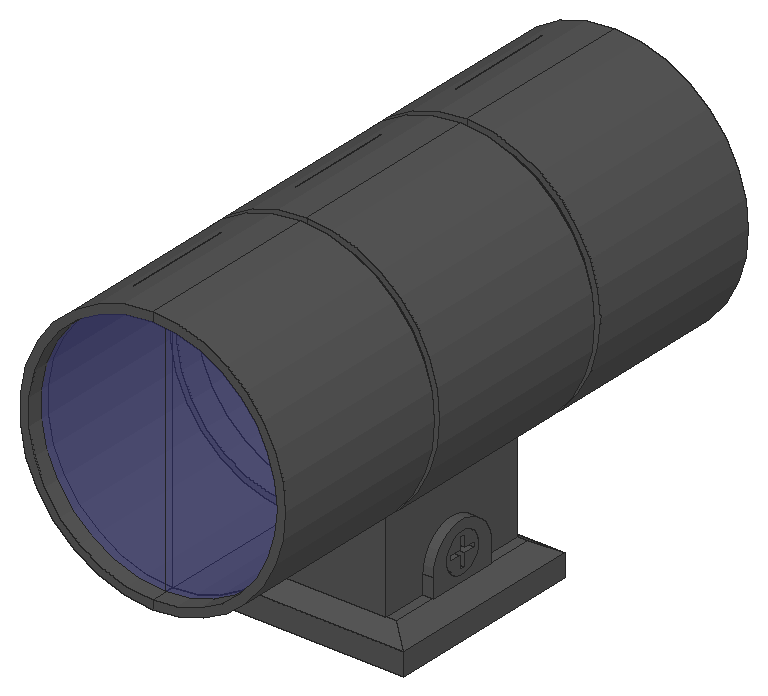
Revit family "CARLO CYLINDER LIGHT WALL MOUNT", category Lighting Fixtures, host Face, Revit 2020 (continued)
Types (10): name | Wattage_Input | Wattage Comments | Wattage | Photometric Web File | built-in parameter 1150142 | Model | built-in parameter 1150105 | Lumens | Light Length 1 | LIGHT RADIUS | LIGHT PLACEMENT | LIGHT LENGTH | LIGHT DIA | built-in parameter 1150106 | FIXED END HEIGHT | Curve base Height | Base Curve | BEAMING ANGLE | Apparent Load
    4.1 978.51 1034.6 1092.3 1150.8 1209.8 1268.3 1325.2 \r\n 1381.2 1436.9 1491.8 1545.5 1598.4 1650.3 1702 1754.4 1805.6 1853.3 \r\n 1899.6 1945.8 1991.5 2037.4 2082.8 2128.1 2171.4 2210.6 2246.7 2280.6 \r\n 2311.3 2337.9 2360.6 2379.1 2393.9 2405 2413.1 2418.2 2421.2 2422.6 \r\n 2423.1 2423.4 2423.3 2422.7 2422 2421.1 2420.3 2419.7 2419.2 2418.6 \r\n 2421.2 \r\n2410.7 2418.1 2417.1 2416.7 2416.3 2415.8 2414.9 2413.1 2410.7 2408.1 \r\n 2405 2401.9 2397.2 2389.9 2379.5 2364.8 2346.3 2324.3 2298.8 2269.6 \r\n 2237.1 2202 2163.8 2122.4 2078.3 2030.9 1982.6 1936.2 1889.8 1842.2 \r\n 1793.8 1745.1 1695.6 1645.3 1594.2 1542.2 1489.3 1435.4 1380.5 1324.3 \r\n 1267 1208.7 1150 1091.8 1034.2 977.22 921.95 869.71 820.08 772.7 \r\n 728.55 688.31 652.47 621.98 596.15 574.9 557.34 542.65 530.44 520.14 \r\n 511.55 504.38 498.36 493.22 488.75 484.64 480.86 477.27 473.84 470.57 \r\n 467.36 464.13 460.82 457.39 453.62 449.18 444.36 440.45 434.23 422.68 \r\n 406.52 384.8 359.51 332.24 303.23 273.08 242.31 211.25 181.08 153.57 \r\n 127.22 99.938 75.275 56.222 42.329 35.337 31.673 28.117 25.351 22.913 \r\n 21.009 19.811 18.974 18.215 17.523 16.762 16.026 15.382 14.778 14.182 \r\n 13.6 13.018 12.458 11.944 11.452 10.964 10.488 10.021 9.5671 9.1291 \r\n 8.703 8.2866 7.877 7.4675 7.067 6.6838 6.3139 5.9563 5.6103 5.277 \r\n 4.9492 4.613 4.2904 4.007 3.7374 3.4582 3.1883 2.9425 2.7094 2.4792 \r\n 2.2627 2.0697 1.8948 1.7344 1.5928 1.4753 1.3749 1.2857 1.2105 1.147 \r\n 1.1044 1.0926 1.1072 1.1474 1.2125 1.313 1.4142 1.4753 1.5253 1.5931 \r\n 1.6382 1.6156 1.5692 1.5431 1.4915 1.3618 1.2178 1.126 1.0257 0.85643 \r\n 0.68502 0.57439 0.47609 0.35173 0.23409 0.14634 0.078976 0.029793 0 0 \r\n 0.0002752 0.030777 0.076762 0.12787 0.20089 0.32255 0.45265 0.54126 0.64434 0.82769 \r\n 1.0118 1.1166 1.2099 1.3553 1.4858 1.5393 1.565 1.6041 1.6188 1.5729 \r\n 1.5025 1.4357 1.36 1.2645 1.1794 1.1366 1.1203 1.1241 1.1521 1.2101 \r\n 1.2865 1.368 1.4658 1.5885 1.7304 1.8894 2.0635 2.2478 2.4486 2.6754 \r\n 2.9148 3.152 3.401 3.6758 3.9622 4.2438 4.5415 4.8822 5.231 5.5475 \r\n 5.8754 6.259 6.6558 7.0267 7.4058 7.823 8.2517 8.6672 9.0935 9.5541 \r\n 10.025 10.484 10.953 11.452 11.961 12.45 12.96 13.529 14.131 14.757 \r\n 15.391 15.998 16.638 17.367 18.155 18.991 19.879 20.639 21.812 23.917 \r\n 26.838 30.732 35.297 38.981 45.698 59.502 78.421 102.74 129.74 156.24 \r\n 183.84 213.39 243.85 274.89 305.24 333.39 359.68 384.39 406.21 423.95 \r\n 437.54 445.62 450.82 455.17 459.03 463.85 468.37 471.54 474.31 477.36 \r\n 480.49 483.7 487.08 490.7 494.67 499.08 504.15 510.01 516.99 525.35 \r\n 535.31 546.97 560.97 577.53 597.88 623.56 653.9 688.87 728.16 771.68 \r\n 818.71 868.66 921.03 975.16 1031 1088.4 1146.8 1205.7 1264.2 1321.2 \r\n 1377.4 1433.2 1488.1 1541.9 1594.9 1646.8 1698.3 1750.4 1801.3 1849.3 \r\n 1896 1942.1 1987.8 2033.9 2079.7 2125.2 2168.7 2208.2 2244.6 2278.6 \r\n 2309.2 2335.9 2358.8 2377.5 2392.4 2403.7 2411.9 2417.1 2420.1 2421.8 \r\n 2422.5 2422.9 2422.8 2422.6 2422 2421.1 2420.2 2419.6 2419.2 2418.8 \r\n 2421.2 \r\n2410.7 2418.1 2417.1 2416.7 2416.4 2416.3 2415.6 2413.9 2411.6 2409.1 \r\n 2406.2 2403.2 2398.8 2392.1 2382.3 2368.4 2350.7 2329.4 2304.5 2276.2 \r\n 2244.8 2210.5 2173.1 2132.2 2088.4 2041.3 1993.1 1946.9 1900.5 1852.8 \r\n 1804.4 1755.9 1706.6 1655.9 1604.3 1552.4 1499.6 1445.8 1390.9 1334.8 \r\n 1277.7 1219.6 1161.3 1103.2 1045.5 988.11 932.43 879.91 829.93 782.01 \r\n 737.19 696.19 659.48 627.98 601.15 579.03 560.73 545.58 533.03 522.36 \r\n 513.45 506.06 499.89 494.61 490.04 485.85 482.01 478.42 475.01 471.73 \r\n 468.51 465.27 462 458.75 455.14 450.6 445.68 441.74 435.79 425.22 \r\n 410.18 389.23 364.5 337.53 308.7 278.73 248.16 217.53 187.56 159.41 \r\n 132.38 105.33 80.771 60.722 45.587 37.655 33.294 29.531 26.675 23.885 \r\n 21.634 20.264 19.336 18.541 17.836 17.032 16.257 15.595 14.983 14.382 \r\n 13.794 13.199 12.624 12.095 11.593 11.105 10.63 10.157 9.696 9.2544 \r\n 8.8253 8.4039 7.991 7.5851 7.1878 6.799 6.4224 6.0645 5.7177 5.3766 \r\n 5.0407 4.7024 4.3771 4.0842 3.8051 3.5238 3.2529 3.0031 2.7647 2.5274 \r\n 2.304 2.1065 1.927 1.7591 1.6101 1.4881 1.3845 1.2932 1.2152 1.1455 \r\n 1.0963 1.0803 1.0906 1.1238 1.182 1.2772 1.3769 1.445 1.5043 1.5791 \r\n 1.6291 1.6048 1.5582 1.5437 1.5038 1.3737 1.2289 1.1481 1.057 0.87997 \r\n 0.69945 0.59388 0.50008 0.36508 0.23663 0.15233 0.089735 0.035686 0 0 \r\n 0.00043536 0.031364 0.078325 0.13265 0.20701 0.32142 0.44516 0.53972 0.6485 0.82341 \r\n 1.0004 1.116 1.2206 1.3608 1.485 1.5438 1.5756 1.6128 1.6241 1.5778 \r\n 1.5076 1.4412 1.3658 1.2713 1.1876 1.1469 1.1331 1.1405 1.1714 1.229 \r\n 1.3041 1.3851 1.4817 1.6014 1.7397 1.8945 2.0648 2.2471 2.4461 2.6692 \r\n 2.9054 3.1422 3.391 3.6622 3.9452 4.2275 4.5258 4.863 5.208 5.5239 \r\n 5.851 6.2298 6.6224 6.994 7.3751 7.7928 8.2224 8.6407 9.0698 9.5324 \r\n 10.003 10.456 10.919 11.423 11.935 12.419 12.922 13.487 14.087 14.716 \r\n 15.355 15.963 16.598 17.305 18.073 18.906 19.793 20.547 21.7 23.748 \r\n 26.608 30.48 35.004 38.576 45.14 58.735 77.478 101.86 128.79 154.64 \r\n 181.55 210.86 241.3 272.52 303.09 331.26 357.53 382.23 404.1 422.01 \r\n 435.87 444.4 450 454.5 458.41 463.24 467.77 470.95 473.74 476.79 \r\n 479.92 483.12 486.5 490.1 494.06 498.42 503.4 509.14 515.97 524.21 \r\n 534.04 545.5 559.26 575.62 595.76 621.21 651.32 686.04 725.08 768.37 \r\n 815.14 864.76 916.79 970.63 1026.2 1083.4 1141.6 1200.4 1258.9 1316 \r\n 1372.4 1428.2 1483.2 1537.2 1590.3 1642.2 1693.6 1745.2 1795.8 1844.1 \r\n 1891.2 1937.4 1983.2 2029.6 2075.7 2121.5 2165.3 2205.2 2241.9 2275.9 \r\n 2306.6 2333.4 2356.5 2375.4 2390.6 2402.2 2410.5 2415.7 2418.9 2420.9 \r\n 2421.9 2422.3 2422.4 2422.4 2422.1 2421.1 2420 2419.6 2419.3 2419 \r\n 2421.2 \r\n2410.7 2418.1 2417.1 2416.8 2416.7 2416.8 2416.5 2414.8 2412.6 2410.3 \r\n 2407.6 2404.7 2400.6 2394.4 2385.3 2372.1 2355.3 2334.6 2310.4 2283.1 \r\n 2252.7 2219.3 2182.6 2142.2 2098.8 2051.9 2003.9 1957.7 1911.4 1863.6 \r\n 1815.1 1766.9 1717.7 1666.7 1614.7 1562.8 1510.2 1456.4 1401.6 1345.5 \r\n 1288.5 1230.7 1172.6 1114.6 1056.8 999.19 943.13 890.33 840 791.56 \r\n 746.09 704.33 666.77 634.27 606.42 583.37 564.3 548.66 535.75 524.69 \r\n 515.46 507.85 501.52 496.11 491.42 487.14 483.26 479.66 476.27 472.98 \r\n 469.75 466.52 463.28 460.2 456.72 452.09 447.06 443.08 437.37 427.74 \r\n 413.8 393.66 369.55 342.89 314.25 284.5 254.16 223.92 194.11 165.27 \r\n 137.54 110.72 86.311 65.316 48.959 39.992 34.832 30.855 27.936 24.835 \r\n 22.276 20.739 19.716 18.883 18.163 17.318 16.504 15.824 15.202 14.594 \r\n 13.999 13.393 12.804 12.261 11.747 11.261 10.788 10.309 9.841 9.3957 \r\n 8.9632 8.5364 8.1194 7.7161 7.321 6.9262 6.5429 6.1845 5.8365 5.4865 \r\n 5.1414 4.8013 4.474 4.1703 3.8806 3.5971 3.3254 3.0709 2.8266 2.5825 \r\n 2.3525 2.1502 1.9656 1.7899 1.6333 1.5062 1.3987 1.3042 1.2229 1.1477 \r\n 1.0927 1.0726 1.0783 1.1041 1.1549 1.2435 1.3406 1.4158 1.4846 1.5653 \r\n 1.6192 1.5947 1.5492 1.5446 1.5149 1.3867 1.2434 1.1715 1.0875 0.90576 \r\n 0.719 0.61574 0.52342 0.37957 0.2425 0.16062 0.10121 0.041773 0 0 \r\n 0.00057432 0.031039 0.078194 0.13613 0.21229 0.31893 0.43576 0.53655 0.65135 0.81745 \r\n 0.98689 1.1132 1.2292 1.3642 1.4818 1.5458 1.5839 1.6196 1.6282 1.5826 \r\n 1.5138 1.448 1.3727 1.2791 1.1967 1.1572 1.1451 1.1553 1.1883 1.2452 \r\n 1.3185 1.3983 1.4933 1.6103 1.745 1.8957 2.0621 2.2425 2.4398 2.6592 \r\n 2.8921 3.1288 3.3774 3.6454 3.9253 4.2081 4.5068 4.8408 5.1824 5.498 \r\n 5.8247 6.1997 6.5887 6.9604 7.3428 7.7611 8.1917 8.6125 9.044 9.5081 \r\n 9.9786 10.425 10.882 11.39 11.906 12.384 12.879 13.44 14.038 14.668 \r\n 15.308 15.918 16.549 17.236 17.984 18.817 19.705 20.455 21.582 23.556 \r\n 26.325 30.13 34.568 38.004 44.371 57.637 76.065 100.38 127.17 152.4 \r\n 178.68 207.79 238.22 269.58 300.32 328.57 354.9 379.7 401.72 419.89 \r\n 434.08 443.09 449.12 453.77 457.71 462.58 467.12 470.32 473.12 476.18 \r\n 479.31 482.5 485.86 489.46 493.39 497.7 502.6 508.19 514.86 522.96 \r\n 532.62 543.86 557.37 573.48 593.35 618.5 648.29 682.68 721.39 764.38 \r\n 810.85 860.1 911.76 965.31 1020.6 1077.6 1135.6 1194.3 1252.8 1310.1 \r\n 1366.6 1422.5 1477.6 1531.8 1585 1636.9 1688 1739.2 1789.6 1838.2 \r\n 1885.8 1932.1 1978.1 2024.8 2071.2 2117.3 2161.4 2201.6 2238.7 2272.8 \r\n 2303.5 2330.6 2353.9 2373.1 2388.6 2400.4 2408.9 2414.3 2417.6 2419.9 \r\n 2421.2 2421.7 2421.9 2422.2 2422.2 2421.1 2419.9 2419.6 2419.4 2419.2 \r\n 2421.2 \r\n2410.7 2418.4 2417.4 2417.1 2417.2 2417.5 2417.4 2415.9 2413.8 2411.7 \r\n 2409.2 2406.4 2402.5 2396.8 2388.4 2376 2359.9 2340 2316.7 2290.3 \r\n 2260.8 2228 2191.8 2152 2109 2062.6 2014.8 1968.7 1922.2 1874.3 \r\n 1825.7 1777.6 1728.6 1677.3 1625.2 1573.5 1521.2 1467.4 1412.5 1356.5 \r\n 1299.5 1241.9 1184 1126 1068.2 1010.4 954.09 900.97 850.25 801.36 \r\n 755.33 712.84 674.42 640.99 612.17 588.1 568.12 551.94 538.63 527.19 \r\n 517.64 509.82 503.32 497.76 492.96 488.6 484.67 481.06 477.67 474.36 \r\n 471.12 467.91 464.71 461.74 458.35 453.63 448.51 444.48 438.95 430.08 \r\n 417.08 397.8 374.41 348.11 319.7 290.24 260.15 230.15 200.36 170.94 \r\n 142.58 115.78 91.298 69.525 52.127 41.978 35.841 31.651 28.758 25.535 \r\n 22.852 21.203 20.093 19.226 18.49 17.615 16.773 16.075 15.439 14.821 \r\n 14.219 13.609 13.016 12.462 11.939 11.452 10.981 10.498 10.025 9.5768 \r\n 9.1411 8.7075 8.2841 7.8793 7.4826 7.0805 6.6901 6.3311 5.9814 5.6199 \r\n 5.2634 4.9233 4.5958 4.2805 3.9788 3.693 3.4203 3.1593 2.9077 2.6592 \r\n 2.4249 2.2169 2.026 1.8437 1.6803 1.5465 1.4323 1.3311 1.2438 1.1649 \r\n 1.1061 1.0796 1.0777 1.0953 1.138 1.2181 1.3104 1.3914 1.4683 1.5516 \r\n 1.6081 1.5907 1.5522 1.5503 1.5239 1.4062 1.2724 1.2004 1.1149 0.93799 \r\n 0.75465 0.64543 0.54573 0.39976 0.26165 0.17804 0.11569 0.049735 0.0018018 0 \r\n 0.00058519 0.028121 0.073098 0.13421 0.21322 0.31596 0.42893 0.53278 0.65083 0.8136 \r\n 0.98009 1.111 1.2317 1.3647 1.4793 1.5448 1.5851 1.6215 1.631 1.5877 \r\n 1.5211 1.4563 1.3812 1.2874 1.2043 1.1635 1.1502 1.1605 1.1935 1.2492 \r\n 1.3209 1.3985 1.4915 1.6079 1.7422 1.891 2.0556 2.2355 2.4324 2.6502 \r\n 2.8816 3.1183 3.3673 3.6352 3.9151 4.1978 4.4965 4.831 5.1731 5.4886 \r\n 5.8154 6.1919 6.5821 6.9529 7.3341 7.753 8.1848 8.6074 9.0404 9.5053 \r\n 9.9754 10.419 10.873 11.38 11.895 12.369 12.86 13.417 14.012 14.636 \r\n 15.273 15.885 16.518 17.196 17.935 18.774 19.667 20.419 21.519 23.4 \r\n 26.029 29.642 33.865 37.12 43.259 56.149 74.162 98.087 124.53 149.5 \r\n 175.61 204.72 235.21 266.58 297.35 325.69 352.2 377.27 399.61 418.07 \r\n 432.57 441.95 448.3 453.06 457.05 461.99 466.59 469.82 472.62 475.68 \r\n 478.8 482 485.36 488.94 492.84 497.1 501.93 507.42 513.95 521.89 \r\n 531.38 542.45 555.78 571.66 591.29 616.19 645.7 679.75 718.1 760.82 \r\n 807.02 855.93 907.27 960.57 1015.7 1072.4 1130.3 1188.9 1247.3 1304.8 \r\n 1361.5 1417.6 1472.8 1527.1 1580.4 1632.2 1683.2 1734.2 1784.5 1833.3 \r\n 1881.1 1927.8 1974.1 2021.1 2067.7 2114 2158.2 2198.7 2235.9 2270.2 \r\n 2301 2328.1 2351.5 2371 2386.7 2398.6 2407.4 2412.8 2416.2 2418.8 \r\n 2420.4 2421.1 2421.4 2422 2422.2 2421.2 2420 2419.6 2419.5 2419.4 \r\n 2421.2 \r\n2410.7 2418.8 2417.9 2417.7 2417.9 2418.3 2418.4 2417.1 2415.2 2413.3 \r\n 2410.9 2408.2 2404.4 2399.2 2391.5 2379.8 2364.6 2345.6 2323.2 2297.7 \r\n 2268.8 2236.4 2200.6 2161.4 2119.1 2073.1 2025.6 1979.4 1932.7 1884.6 \r\n 1835.9 1787.9 1739 1687.7 1635.6 1584.2 1532.2 1478.5 1423.7 1367.5 \r\n 1310.6 1253.1 1195.2 1137.1 1079.2 1021.5 965.1 911.65 860.48 811.22 \r\n 764.73 721.52 682.29 648 618.25 593.1 572.14 555.35 541.62 529.79 \r\n 519.95 511.9 505.24 499.53 494.61 490.18 486.2 482.56 479.15 475.82 \r\n 472.59 469.41 466.26 463.35 459.98 455.18 449.98 445.91 440.52 432.2 \r\n 419.94 401.54 378.96 353.08 324.96 295.87 266.04 236.1 206.19 176.33 \r\n 147.47 120.43 95.659 73.278 55.034 43.586 36.319 31.918 29.133 25.971 \r\n 23.346 21.64 20.452 19.557 18.805 17.912 17.054 16.339 15.688 15.057 \r\n 14.448 13.84 13.251 12.691 12.16 11.674 11.203 10.718 10.241 9.7916 \r\n 9.353 8.9114 8.4793 8.0691 7.6671 7.2567 6.8589 6.499 6.1472 5.772 \r\n 5.4028 5.0642 4.7385 4.4114 4.097 3.8088 3.5347 3.2656 3.0061 2.7555 \r\n 2.5195 2.3051 2.107 1.9195 1.7503 1.6085 1.4853 1.3739 1.278 1.1973 \r\n 1.1366 1.1013 1.089 1.0976 1.1316 1.2015 1.2871 1.3722 1.4554 1.5382 \r\n 1.596 1.5928 1.5675 1.5609 1.531 1.432 1.3154 1.2344 1.1386 0.97582 \r\n 0.80531 0.68222 0.56668 0.42537 0.2938 0.20425 0.13299 0.060055 0.0064201 0 \r\n 0.00046471 0.022685 0.063112 0.12663 0.20924 0.31218 0.4246 0.5282 0.64653 0.81156 \r\n 0.97982 1.109 1.2277 1.3616 1.4772 1.5404 1.579 1.6184 1.6323 1.5928 \r\n 1.5293 1.4659 1.3908 1.2958 1.2104 1.1656 1.1481 1.1555 1.1862 1.2403 \r\n 1.3104 1.3848 1.4755 1.5935 1.7301 1.8796 2.0446 2.2253 2.423 2.6411 \r\n 2.8728 3.1096 3.3594 3.6306 3.9135 4.1953 4.4935 4.8319 5.1782 5.4939 \r\n 5.8215 6.2046 6.6007 6.9691 7.3468 7.7661 8.1993 8.6227 9.0563 9.5209 \r\n 9.9905 10.434 10.887 11.389 11.9 12.372 12.861 13.416 14.006 14.619 \r\n 15.246 15.863 16.503 17.183 17.925 18.774 19.674 20.436 21.507 23.283 \r\n 25.729 29.032 32.923 35.963 41.852 54.328 71.828 95.047 120.95 146.02 \r\n 172.44 201.75 232.36 263.58 294.22 322.7 349.48 374.99 397.79 416.58 \r\n 431.36 440.99 447.53 452.39 456.44 461.48 466.17 469.43 472.24 475.29 \r\n 478.39 481.6 484.96 488.52 492.39 496.61 501.39 506.82 513.26 521.02 \r\n 530.32 541.29 554.52 570.2 589.62 614.33 643.62 677.3 715.29 757.76 \r\n 803.72 852.34 903.4 956.5 1011.4 1068.1 1125.8 1184.3 1242.7 1300.3 \r\n 1357.2 1413.5 1468.9 1523.4 1576.8 1628.3 1679.1 1730.2 1780.7 1829.5 \r\n 1877.4 1924.6 1971.4 2018.5 2065.2 2111.5 2155.9 2196.3 2233.6 2268 \r\n 2299 2326.2 2349.5 2369 2384.8 2396.9 2405.8 2411.4 2414.9 2417.7 \r\n 2419.5 2420.5 2421 2421.8 2422.1 2421.2 2420.1 2419.7 2419.6 2419.7 \r\n 2421.2 \r\n2410.7 2419.2 2418.4 2418.4 2418.7 2419.2 2419.3 2418.2 2416.6 2414.9 \r\n 2412.7 2410.1 2406.5 2401.7 2394.5 2383.5 2369.1 2351.1 2329.6 2304.8 \r\n 2276.4 2244.4 2208.9 2170.3 2128.5 2083 2035.9 1989.5 1942.6 1894.4 \r\n 1845.7 1797.7 1748.9 1697.6 1645.5 1594.5 1542.8 1489.3 1434.4 1378.2 \r\n 1321.2 1263.7 1205.9 1147.8 1089.8 1032.1 975.74 921.94 870.34 820.73 \r\n 773.82 729.96 689.95 654.86 624.23 598.03 576.1 558.71 544.55 532.36 \r\n 522.23 513.97 507.14 501.28 496.25 491.75 487.72 484.04 480.61 477.27 \r\n 474.03 470.89 467.79 464.91 461.54 456.68 451.43 447.31 442.03 434.17 \r\n 422.57 405.03 383.26 357.83 330.03 301.32 271.76 241.82 211.72 181.49 \r\n 152.21 124.93 99.845 76.915 57.883 45.128 36.706 32.088 29.417 26.347 \r\n 23.811 22.054 20.786 19.864 19.098 18.192 17.324 16.593 15.927 15.285 \r\n 14.669 14.065 13.481 12.915 12.379 11.892 11.421 10.934 10.455 10.004 \r\n 9.5624 9.1129 8.6719 8.2553 7.8471 7.4287 7.0239 6.6629 6.3086 5.9204 \r\n 5.5391 5.2026 4.8793 4.5412 4.2148 3.9242 3.6487 3.3718 3.1047 2.853 \r\n 2.6162 2.3957 2.1905 1.9984 1.8243 1.6744 1.542 1.4203 1.3158 1.2339 \r\n 1.1718 1.1277 1.1046 1.1044 1.1298 1.189 1.2671 1.3554 1.444 1.5251 \r\n 1.5836 1.5963 1.5855 1.5726 1.5373 1.4583 1.3604 1.268 1.1599 1.0134 \r\n 0.85787 0.71917 0.58603 0.45135 0.32841 0.23195 0.15043 0.071025 0.012331 0 \r\n 0.00031325 0.016564 0.051659 0.11694 0.20274 0.30604 0.41816 0.52136 0.63976 0.80693 \r\n 0.9768 1.1037 1.22 1.3547 1.4714 1.5327 1.5703 1.6129 1.6315 1.5974 \r\n 1.5385 1.4765 1.4013 1.3053 1.2173 1.1674 1.1443 1.1473 1.1744 1.226 \r\n 1.2937 1.3647 1.453 1.5723 1.7112 1.8612 2.0265 2.208 2.4064 2.6249 \r\n 2.8568 3.0937 3.3443 3.6189 3.9048 4.1857 4.483 4.8252 5.1756 5.4918 \r\n 5.8205 6.2105 6.6123 6.9781 7.3516 7.7707 8.2046 8.6279 9.0612 9.5246 \r\n 9.9931 10.437 10.89 11.387 11.891 12.362 12.851 13.403 13.988 14.588 \r\n 15.204 15.825 16.473 17.158 17.904 18.764 19.671 20.443 21.483 23.147 \r\n 25.4 28.379 31.925 34.759 40.38 52.342 69.207 91.593 116.88 142.13 \r\n 168.95 198.48 229.19 260.22 290.69 319.33 346.45 372.45 395.78 414.98 \r\n 430.09 439.98 446.71 451.65 455.75 460.89 465.67 468.97 471.8 474.83 \r\n 477.92 481.14 484.51 488.04 491.87 496.06 500.79 506.16 512.5 520.08 \r\n 529.18 540.05 553.17 568.64 587.79 612.26 641.25 674.5 712.06 754.23 \r\n 799.93 848.24 899.02 951.92 1006.7 1063.2 1120.9 1179.2 1237.6 1295.2 \r\n 1352.3 1408.9 1464.6 1519.3 1572.6 1624 1674.6 1725.9 1776.5 1825.3 \r\n 1873.2 1920.9 1968.3 2015.5 2062.2 2108.6 2153 2193.5 2230.9 2265.5 \r\n 2296.6 2323.8 2347.2 2366.7 2382.6 2395 2404.1 2409.8 2413.5 2416.5 \r\n 2418.6 2419.8 2420.5 2421.4 2421.8 242
